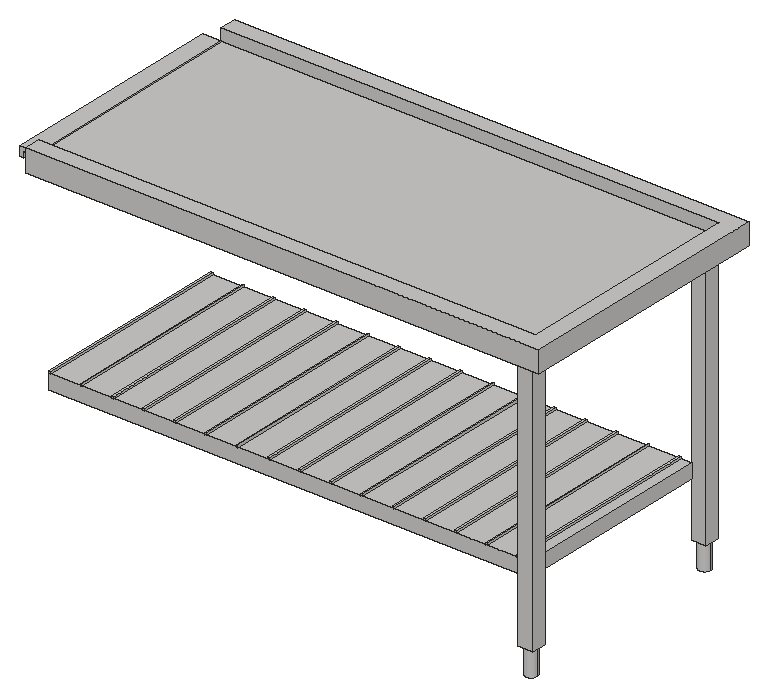
Revit family "QF_ZANUSSI_865360_BHPUTS14", category Attrezzature speciali, Revit 2020
Family settings
  Quota connettore circolare = Usa diametro
  Tipo di parte = Normale
  Basato su piano di lavoro = No
  Sempre verticale = Sì
  Taglio con vuoti quando caricato = No
  Condiviso = No
  Punto di calcolo locali = No
Parameters (values of type "Standard")
  Weight = 12.00 kg
  Watts = 0 W
  Volts = 0 V
  URL Manufacturer = "http://www.zanussiprofessional.com"
  URL = "http://www.zanussiprofessional.com"
  Steam Supply Size = 0 mm
  Steam Supply Minimum Pressure = 0.0 Pa
  Steam Supply Maximum Pressure = 0.0 Pa
  Steam Consumption per Hour = 0
  Refrigeration Suction Line Size = 0 mm
  Refrigeration Liquid Line Size = 0 mm
  Refrigerant Compressor Remote = yes
  Prospetto di default = 0 mm
  Produttore = "Zanussi"
  Phase = 0
  Modello = "BHPUTS14"
  Length Actual = 1400 mm  # constant formula
  Item Number = "865360"
  Hot Water Size = 0 mm
  Height Actual = 843 mm  # constant formula
  HP = "0 HP"
  Gas Size = 0 mm
  Gas KW = 0
  Gas Input Pressure = 0 W
  Direct Waste Size = 0 mm
  Descrizione = "UNLOAD.TABLE+GRID UNDERSHELF 1400MM-POTW"
  Depth Actual = 712 mm  # constant formula
  Cycle = 0 Hz
  Condensate Return Size = 0 mm
  Compressed Air Volume = 0.0 L/s
  Compressed Air Size = 0 mm
  Compressed Air Pressure = 0.0 Pa
  Cold Water Size = 0 mm
  Accessory = yes
Reference planes
  plane 1 "Back": y = 0
  plane 2: z = 0
  plane 3 "Left": x = 0
Forms (mm)
  Extrusion 1, solid, material "QF_Finishes_Stainless Steel"
    sketch origin (0, 0, 669.604) x (1, 0, 0) y (0, 1, 0)
      loop
        line (0, 0) -> (0, -712) -> (1400, -712) -> (1400, 0) -> (0, 0)
    from 113.396 to 173.396
  Extrusion 2, void
    sketch origin (600, 2.646, -31.042) x (1, 0, 0) y (0, 1, 0)
      loop
        line (-600, -47.646) -> (-600, -669.646) -> (755, -669.646) -> (755, -47.646) -> (-600, -47.646)
    from 874.042 to 842.042
  Extrusion 3, solid, material "QF_Finishes_Stainless Steel"
    sketch origin (620, 4, 150) x (1, 0, 0) y (0, 1, 0)
      loop
        line (730, -45) -> (690, -45) -> (690, -85) -> (730, -85) -> (730, -45)
    from -80 to 633
  Extrusion 4, solid, material "QF_Finishes_Stainless Steel"
    sketch origin (620, -586, 129.575) x (1, 0, 0) y (0, 1, 0)
      loop
        line (730, -45) -> (690, -45) -> (690, -85) -> (730, -85) -> (730, -45)
    from -59.575 to 653.425
  Extrusion 5, solid, material "QF_Finishes_Stainless Steel"
    sketch origin (620, 4, 0) x (1, 0, 0) y (0, 1, 0)
      loop
        circle (710, -65) r 16
    from 0 to 70
  Extrusion 6, solid, material "QF_Finishes_Stainless Steel"
    sketch origin (620, -586, 0) x (1, 0, 0) y (0, 1, 0)
      loop
        circle (710, -65) r 16
    from 0 to 70
  Extrusion 7, solid, material "QF_Finishes_Stainless Steel"
    sketch origin (0, 0, -67) x (0, 1, 0) y (0, 0, 1)
      loop
        line (-81, 325) -> (-631, 325) -> (-631, 285) -> (-81, 285) -> (-81, 325)
    from 0 to 1310
  Extrusion 8, solid, material "QF_Finishes_Stainless Steel"
    sketch origin (-15, 0, 0) x (0, 1, 0) y (0, 0, 1)
      loop
        line (-81, 258) -> (-81, 263) -> (-631, 263) -> (-631, 258) -> (-81, 258)
    from 15 to 20
  Extrusion 9, solid, material "QF_Finishes_Stainless Steel"
    sketch origin (70, 0, 0) x (0, 1, 0) y (0, 0, 1)
      loop
        line (-81, 258) -> (-81, 263) -> (-631, 263) -> (-631, 258) -> (-81, 258)
    from 15 to 20
  Extrusion 10, solid, material "QF_Finishes_Stainless Steel"
    sketch origin (155, 0, 0) x (0, 1, 0) y (0, 0, 1)
      loop
        line (-81, 258) -> (-81, 263) -> (-631, 263) -> (-631, 258) -> (-81, 258)
    from 15 to 20
  Extrusion 11, solid, material "QF_Finishes_Stainless Steel"
    sketch origin (240, 0, 0) x (0, 1, 0) y (0, 0, 1)
      loop
        line (-81, 258) -> (-81, 263) -> (-631, 263) -> (-631, 258) -> (-81, 258)
    from 15 to 20
  Extrusion 12, solid, material "QF_Finishes_Stainless Steel"
    sketch origin (325, 0, 0) x (0, 1, 0) y (0, 0, 1)
      loop
        line (-81, 258) -> (-81, 263) -> (-631, 263) -> (-631, 258) -> (-81, 258)
    from 15 to 20
  Extrusion 13, solid, material "QF_Finishes_Stainless Steel"
    sketch origin (410, 0, 0) x (0, 1, 0) y (0, 0, 1)
      loop
        line (-81, 258) -> (-81, 263) -> (-631, 263) -> (-631, 258) -> (-81, 258)
    from 15 to 20
  Extrusion 14, solid, material "QF_Finishes_Stainless Steel"
    sketch origin (495, 0, 0) x (0, 1, 0) y (0, 0, 1)
      loop
        line (-81, 258) -> (-81, 263) -> (-631, 263) -> (-631, 258) -> (-81, 258)
    from 15 to 20
  Extrusion 15, solid, material "QF_Finishes_Stainless Steel"
    sketch origin (580, 0, 0) x (0, 1, 0) y (0, 0, 1)
      loop
        line (-81, 258) -> (-81, 263) -> (-631, 263) -> (-631, 258) -> (-81, 258)
    from 15 to 20
  Extrusion 16, solid, material "QF_Finishes_Stainless Steel"
    sketch origin (665, 0, 0) x (0, 1, 0) y (0, 0, 1)
      loop
        line (-81, 258) -> (-81, 263) -> (-631, 263) -> (-631, 258) -> (-81, 258)
    from 15 to 20
  Extrusion 17, solid, material "QF_Finishes_Stainless Steel"
    sketch origin (750, 0, 0) x (0, 1, 0) y (0, 0, 1)
      loop
        line (-81, 258) -> (-81, 263) -> (-631, 263) -> (-631, 258) -> (-81, 258)
    from 15 to 20
  Extrusion 18, solid, material "QF_Finishes_Stainless Steel"
    sketch origin (835, 0, 0) x (0, 1, 0) y (0, 0, 1)
      loop
        line (-81, 258) -> (-81, 263) -> (-631, 263) -> (-631, 258) -> (-81, 258)
    from 15 to 20
  Extrusion 19, solid, material "QF_Finishes_Stainless Steel"
    sketch origin (920, 0, 0) x (0, 1, 0) y (0, 0, 1)
      loop
        line (-81, 258) -> (-81, 263) -> (-631, 263) -> (-631, 258) -> (-81, 258)
    from 15 to 20
  Extrusion 20, solid, material "QF_Finishes_Stainless Steel"
    sketch origin (1005, 0, 0) x (0, 1, 0) y (0, 0, 1)
      loop
        line (-81, 258) -> (-81, 263) -> (-631, 263) -> (-631, 258) -> (-81, 258)
    from 15 to 20
  Extrusion 21, solid, material "QF_Finishes_Stainless Steel"
    sketch origin (1090, 0, 0) x (0, 1, 0) y (0, 0, 1)
      loop
        line (-81, 258) -> (-81, 263) -> (-631, 263) -> (-631, 258) -> (-81, 258)
    from 15 to 20
  Extrusion 22, solid, material "QF_Finishes_Stainless Steel"
    sketch origin (1175, 0, 0) x (0, 1, 0) y (0, 0, 1)
      loop
        line (-81, 258) -> (-81, 263) -> (-631, 263) -> (-631, 258) -> (-81, 258)
    from 15 to 20
  Extrusion 23, solid, material "QF_Finishes_Stainless Steel"
    sketch origin (1260, 0, 0) x (0, 1, 0) y (0, 0, 1)
      loop
        line (-81, 258) -> (-81, 263) -> (-631, 263) -> (-631, 258) -> (-81, 258)
    from 15 to 20
  Extrusion 24, solid, material "QF_Finishes_Stainless Steel"
    sketch origin (0, 0, 0) x (1, 0, 0) y (0, 0, 1)
      loop
        line (0, 811) -> (-50, 811) -> (-50, 786) -> (-40, 786) -> (-40, 801) -> (0, 801) -> (0, 811)
    from 45 to 667
Cuts and joins
  Extrusion 2 cuts Extrusion 1
Dimensions and locks
  Extrusion 1 to Extrusion 1 = 60 mm
  equal spacing: Extrusion 1, Extrusion 2 sketch curve, Extrusion 2 sketch curve, Extrusion 1
  equal spacing: Extrusion 1, Extrusion 2 sketch curve, Extrusion 1
  Extrusion 2 to Extrusion 2 = 32 mm
  Extrusion 2 to Extrusion 1 = 1400 mm
  Extrusion 1 to Extrusion 1 = 712 mm
  level to Extrusion 1 = 843 mm
  aligned and locked: level to plane 2
